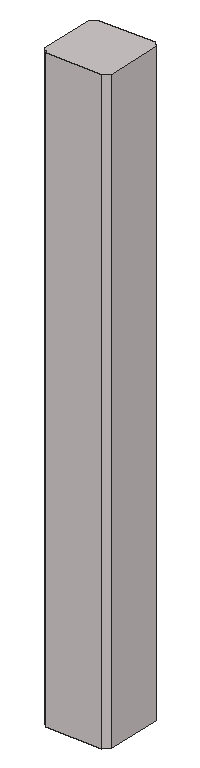
Revit family
Parameters (values of type "12 x 12")
  Column Material [instance] = Concrete - Precast Concrete - Normal Weight 5 ksi
  Assembly Code = "B10"
  Chamfer = 0' - 1"
  b = 1' - 0"
  h = 1' - 0"
Types (4): name | Chamfer | b | h
  (no name) | 0' - 1" | 1' - 0" | 1' - 0"
  12 x 12 | 0' - 1" | 1' - 0" | 1' - 0"
  18 x 18 | 0' - 1" | 1' - 6" | 1' - 6"
  24 x 24 | 0' - 1 1/2" | 2' - 0" | 2' - 0"
Reference planes (in)
  plane 1 "Center (Front/Back)": y = 0
  plane 2: z = 0
  plane 3 "Center (Left/Right)": x = 0
  plane 4: x = -6
  plane 5: x = 6
  plane 6: y = 6
  plane 7: y = -6
  plane 8: x = -5
  plane 9: y = -5
  plane 10: x = 5
  plane 11: y = 5
Forms (in)
  Extrusion 1, solid, material "Concrete - Precast Concrete - Normal Weight 5 ksi" <- "Column Material"
    sketch origin (0, 0, 0) x (1, 0, 0) y (0, 1, 0)
      loop
        line (-5, 6) -> (-6, 5) -> (-6, -5) -> (-5, -6) -> (5, -6) -> (6, -5) -> (6, 5) -> (5, 6) -> (-5, 6)
    from 0 to 108
Dimensions and locks (in)
  equal spacing: plane 4, plane 3 "Center (Left/Right)", plane 5
  equal spacing: plane 7, plane 1 "Center (Front/Back)", plane 6
  "h": plane 7 to plane 6
  "b": plane 4 to plane 5
  "Chamfer": plane 4 to plane 8
  "Chamfer": plane 10 to plane 5
  "Chamfer": plane 11 to plane 6
  "Chamfer": plane 7 to plane 9
  aligned and locked: plane 6 to Extrusion 1 sketch curve
  aligned and locked: Extrusion 1 sketch curve to plane 7
  aligned and locked: Extrusion 1 sketch curve to plane 4
  aligned and locked: plane 5 to Extrusion 1 sketch curve
  aligned and locked: level to Extrusion 1
  aligned and locked: level to plane 2
  aligned and locked: Extrusion 1 to plane 2
Automatic sketch dimensions
  Extrusion 1 sketch curve to plane 8 = 0' - 0"  (x2)
  Extrusion 1 sketch curve to plane 10 = 0' - 0"  (x2)
  Extrusion 1 sketch curve to plane 9 = 0' - 0"  (x2)
  Extrusion 1 sketch curve to plane 11 = 0' - 0"  (x2)
